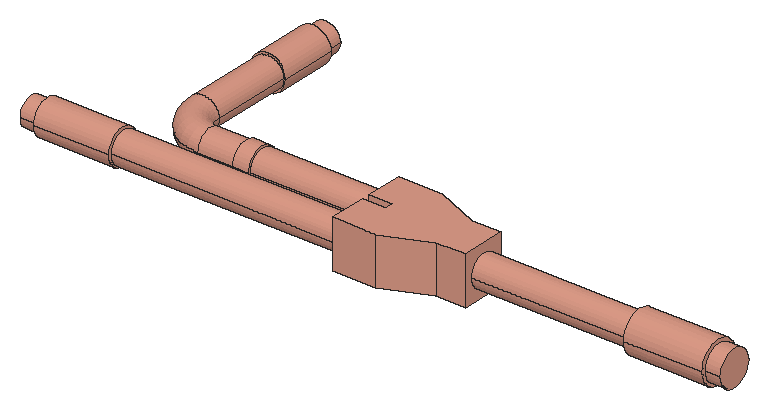
Revit family "outputfile", category 配管付属品, Revit 2024
Family settings
  丸型コネクタ寸法 = 半径を使用
  パーツ タイプ = 標準
  OmniClass 番号 = 23.65.55.00
  OmniClass タイトル = Distribution of Supplied Liquids/Gases
  作業面ベース = いいえ
  常に垂直 = はい
  ロード時にボイドで切り取り = いいえ
  共有 = いいえ
Parameters (values of type "BHFP26R168_(2)")
  Description = ""
  製造元 = "Daikin"
  書き出し IFC クラス(タイプ) = "IfcPipeFittingType"
  Default Elevation = 0.0 mm
  定義済み IFC タイプ(タイプ) = "JUNCTION"
  Cost = 0
  モデル = "BHFP26R168_(2)"
  Type Comments = ""
  Keynote = ""
  Type Image = (empty or 0)
  Assembly Code = ""
  table_PipeToCU_B [instance] = if(mm⇔inch, "Multi Module Kit_BHFP26R-_Liquid_PipeToCU_B", "Multi Module Kit_BHFP26R-_Liquid_PipeToCU_B_inch")  # "Multi Module Kit_BHFP26R-_Liquid_PipeToCU_B"
  table_PipeToCU_A [instance] = if(mm⇔inch, "Multi Module Kit_BHFP26R-_Liquid_PipeToCU_A", "Multi Module Kit_BHFP26R-_Liquid_PipeToCU_A_inch")  # "Multi Module Kit_BHFP26R-_Liquid_PipeToCU_A"
  table_ToMainPipe [instance] = if(mm⇔inch, "Multi Module Kit_BHFP26R-_Liquid_ToMainPipe", "Multi Module Kit_BHFP26R-_Liquid_ToMainPipe_inch")  # "Multi Module Kit_BHFP26R-_Liquid_ToMainPipe"
  switch_ToMainPipe3 [instance] = if(number_ToMainPipe < 3, 1 = 0, 1 = 1)  # no
  switch_PipeToCU_B Reducer [instance] = if(and(Is_PipeToCU_B Reducer = 1, judge_IsOffsetPipe_ToOutdoorUnitB = 0), 1 = 1, 1 = 0)  # no
  switch_PipeToCU_B4 [instance] = if(number_PipeToCU_B < 4, 1 = 0, 1 = 1)  # no
  switch_PipeToCU_B3 [instance] = if(number_PipeToCU_B < 3, 1 = 0, 1 = 1)  # no
  switch_PipeToCU_B2 [instance] = if(number_PipeToCU_B < 2, 1 = 0, 1 = 1)  # yes
  switch_PipeToCU_A Reducer [instance] = if(Is_PipeToCU_A Reducer = 1, 1 = 1, 1 = 0)  # yes
  switch_ToMainPipe Reducer [instance] = if(Is_ToMainPipe Reducer = 1, 1 = 1, 1 = 0)  # no
  switch_ToMainPipe2 [instance] = if(number_ToMainPipe < 2, 1 = 0, 1 = 1)  # yes
  r_PipeToCU_B_ActualDiameter [instance] = PipeToCU_B_Liquid_ActualDiameter / 2  # 6.35 mm
  r_PipeToCU_A_ActualDiameter [instance] = PipeToCU_A_Liquid_ActualDiameter / 2  # 6.35 mm
  r_ToMainPipe_ActualDiameter [instance] = ToMainPipe_Liquid_ActualDiameter / 2  # 7.95 mm
  number_PipeToCU_B ReducerPipe [instance] = size_lookup(table_PipeToCU_B, "reducerPipeNumber", 0, モデル, judge_IsOffsetPipe_ToOutdoorUnitB, PipeToCU_B_Liquid_ActualDiameter)  # 0
  number_PipeToCU_B [instance] = size_lookup(table_PipeToCU_B, "pipeNumber", 2, モデル, judge_IsOffsetPipe_ToOutdoorUnitB, PipeToCU_B_Liquid_ActualDiameter)  # 2
  number_PipeToCU_A ReducerPipe [instance] = size_lookup(table_PipeToCU_A, "reducerPipeNumber", 2, モデル, PipeToCU_A_Liquid_ActualDiameter)  # 2
  number_ToMainPipe [instance] = size_lookup(table_ToMainPipe, "pipeNumber", 3, モデル, ToMainPipe_Liquid_ActualDiameter)  # 2
  mm⇔inch [instance] = yes
  l_ToMainPipe3 [instance] = size_lookup(table_ToMainPipe, "L_Pipe3", 8.0 mm, モデル)  # 2.0 mm
  judge_IsOffsetPipe_ToOutdoorUnitB [instance] = 0  # constant formula
  Unit Type = "BHFP26R-_Liquid"
  Uniclass2015Version = "Products v1.31"
  Uniclass2015Title = "Copper pipe fittings"
  Uniclass2015Code = "Pr_65_52_63_18"
  URL = ""
  ToMainPipe_Liquid_Status [instance] = size_lookup(table_ToMainPipe, "Information", "The connected pipe size is not available.", モデル, ToMainPipe_Liquid_ActualDiameter)  # "Default connector size is used."
  ToMainPipe_Liquid_ActualDiameter [instance] = 15.9 mm
  Tag No. [instance] = ""
  Series = "Multi Module kit"
  PipeToCU_B_Liquid_Status [instance] = size_lookup(table_PipeToCU_B, "Information", "The connected pipe size is not available.", モデル, judge_IsOffsetPipe_ToOutdoorUnitB, PipeToCU_B_Liquid_ActualDiameter)  # "Default connector size is used."
  PipeToCU_B_Liquid_ActualDiameter [instance] = 12.7 mm
  PipeToCU_A_Liquid_Status [instance] = size_lookup(table_PipeToCU_A, "Information", "The connected pipe size is not available.", モデル, PipeToCU_A_Liquid_ActualDiameter)  # "Reducer is used at connector."
  PipeToCU_A_Liquid_ActualDiameter [instance] = 12.7 mm
  Material_Piping = DAIKIN_Copper_Pipe
  Material_Insulation = DAIKIN_White_Insulation
  location_PipeToCU_A connector [instance] = size_lookup(table_PipeToCU_A, "Locationconnector", 107.0 mm, モデル, PipeToCU_A_Liquid_ActualDiameter)  # 107.0 mm
  l_PipeToCU_B connector [instance] = size_lookup(table_PipeToCU_B, "Length", 161.0 mm, モデル, judge_IsOffsetPipe_ToOutdoorUnitB, PipeToCU_B_Liquid_ActualDiameter)  # 161.0 mm
  l_PipeToCU_B Reducer [instance] = 100.0 mm  # constant formula
  l_PipeToCU_B4 [instance] = size_lookup(table_PipeToCU_B, "L_Pipe4", 2.0 mm, モデル)  # 2.0 mm
  l_PipeToCU_B3 [instance] = size_lookup(table_PipeToCU_B, "L_Pipe3", 2.0 mm, モデル)  # 2.0 mm
  l_PipeToCU_B2 [instance] = size_lookup(table_PipeToCU_B, "L_Pipe2", 8.0 mm, モデル)  # 8.0 mm
  l_PipeToCU_B1 [instance] = size_lookup(table_PipeToCU_B, "L_Pipe1", 38.5 mm, モデル)  # 38.5 mm
  l_PipeToCU_B0 [instance] = size_lookup(table_PipeToCU_B, "L_Pipe0", 114.5 mm, モデル)  # 114.5 mm
  l_PipeToCU_A connector [instance] = size_lookup(table_PipeToCU_A, "Length", 97.0 mm, モデル, PipeToCU_A_Liquid_ActualDiameter)  # 97.0 mm
  l_PipeToCU_A1 [instance] = size_lookup(table_PipeToCU_A, "L_Pipe1", 8.0 mm, モデル)  # 8.0 mm
  l_PipeToCU_A0 [instance] = size_lookup(table_PipeToCU_A, "L_Pipe0", 62.0 mm, モデル)  # 62.0 mm
  l_ToMainPipe connector [instance] = size_lookup(table_ToMainPipe, "Length", 163.0 mm, モデル, ToMainPipe_Liquid_ActualDiameter)  # 128.0 mm
  l_ToMainPipe Reducer [instance] = size_lookup(table_ToMainPipe, "L_Reducer", 2.0 mm, モデル, ToMainPipe_Liquid_ActualDiameter)  # 2.0 mm
  l_ToMainPipe2 [instance] = size_lookup(table_ToMainPipe, "L_Pipe2", 38.0 mm, モデル)  # 8.0 mm
  l_ToMainPipe1 [instance] = size_lookup(table_ToMainPipe, "L_Pipe1", 38.0 mm, モデル)  # 40.0 mm
  l_ToMainPipe0 [instance] = size_lookup(table_ToMainPipe, "L_Pipe0", 79.0 mm, モデル)  # 80.0 mm
  judge_JointType(1or2) = 2
  count_PipeToCU_B Reducer [instance] = 0  # constant formula
  count_PipeToCU_A Reducer [instance] = size_lookup(table_PipeToCU_A, "reducerCount", 1, モデル, PipeToCU_A_Liquid_ActualDiameter)  # 1
  angle_PipeToCU_A Pipe [instance] = if(RotateBranchPipetoCU_A_90°, 90.00°, 0.00°)  # 0.00°
  angle_PipeToCU_A Connector [instance] = angle_PipeToCU_A Pipe + 90.00°  # 90.00°
  PipeToCU_B_Liquid_AvailableDiameter [instance] = size_lookup(table_PipeToCU_B, "sizeVariation", "", モデル, judge_IsOffsetPipe_ToOutdoorUnitB)  # "12.7/15.9mm"
  PipeToCU_A_Liquid_AvailableDiameter [instance] = size_lookup(table_PipeToCU_A, "sizeVariation", "", モデル)  # "12.7/15.9mm"
  ToMainPipe_Liquid_AvailableDiameter [instance] = size_lookup(table_ToMainPipe, "sizeVariation", "", モデル)  # "15.9/19.1mm"
  RotateBranchPipetoCU_A_90° [instance] = no
  O.D_ToMainPipe Reducer [instance] = size_lookup(table_ToMainPipe, "O.D_reducer", 2.0 mm, モデル, ToMainPipe_Liquid_ActualDiameter)  # 2.0 mm
  Link_Nested Family [instance] = ""
  Is_PipeToCU_B Reducer [instance] = size_lookup(table_PipeToCU_B, "IsReducer", 0, モデル, judge_IsOffsetPipe_ToOutdoorUnitB, PipeToCU_B_Liquid_ActualDiameter)  # 0
  Is_PipeToCU_A Reducer [instance] = size_lookup(table_PipeToCU_A, "IsReducer", 1, モデル, PipeToCU_A_Liquid_ActualDiameter)  # 1
  Is_ToMainPipe Reducer [instance] = size_lookup(table_ToMainPipe, "IsReducer", 0, モデル, ToMainPipe_Liquid_ActualDiameter)  # 0
  IfcVersion = ""
  IfcExportType = "JUNCTION"
  IfcExportAs = "IfcPipeFittingType"
  I.D_ToMainPipe3 [instance] = size_lookup(table_ToMainPipe, "I.D_PipeSize3", 15.9 mm, モデル)  # 2.0 mm
  Attach_Insulation [instance] = no
  I.D_PipeToCU_B4 [instance] = size_lookup(table_PipeToCU_B, "I.D_PipeSize4", 2.0 mm, モデル)  # 2.0 mm
  I.D_PipeToCU_B3 [instance] = size_lookup(table_PipeToCU_B, "I.D_PipeSize3", 2.0 mm, モデル)  # 2.0 mm
  I.D_PipeToCU_B2 [instance] = size_lookup(table_PipeToCU_B, "I.D_PipeSize2", 12.7 mm, モデル)  # 12.7 mm
  I.D_PipeToCU_B1 [instance] = size_lookup(table_PipeToCU_B, "I.D_PipeSize1", 15.9 mm, モデル)  # 15.9 mm
  I.D_PipeToCU_B0 [instance] = size_lookup(table_PipeToCU_B, "I.D_PipeSize0", 13.9 mm, モデル)  # 13.9 mm
  I.D_PipeToCU_A1 [instance] = 15.5 mm  # constant formula
  I.D_PipeToCU_A0 [instance] = 13.9 mm  # constant formula
  I.D_ToMainPipe Reducer [instance] = size_lookup(table_ToMainPipe, "I.D_reducer", 2.0 mm, モデル, ToMainPipe_Liquid_ActualDiameter)  # 2.0 mm
  I.D_ToMainPipe2 [instance] = size_lookup(table_ToMainPipe, "I.D_PipeSize2", 19.1 mm, モデル)  # 15.9 mm
  I.D_ToMainPipe1 [instance] = size_lookup(table_ToMainPipe, "I.D_PipeSize1", 22.2 mm, モデル)  # 19.1 mm
  I.D_ToMainPipe0 [instance] = size_lookup(table_ToMainPipe, "I.D_PipeSize0", 13.9 mm, モデル)  # 13.9 mm
Reference planes
  plane 1 "Center (Front/Back)": y = 0
  plane 2: z = 0
  plane 3 "pipe2": x = 225.65
  plane 4: x = 217.65
  plane 5: x = 177.65
  plane 6: x = 97.65
  plane 7: x = 37.65
  plane 8: x = -32.35
  plane 9: x = -76.85
  plane 10: x = -115.35
  plane 11: x = -123.35
  plane 12: x = -125.35
  plane 13: x = -127.35
  plane 14 "offset_center": y = 11.5
  plane 15: y = -11.5
  plane 16: x = -24.35
  plane 17: x = 147.65
  plane 18 "ToMainPipe_connector": x = 225.65
  plane 19 "connector_OutdoorunitA": x = -69.35
  plane 20 "connector_ToOutdoorUnitB": x = -104.35
  plane 21 "pipe3": x = 227.65
Forms (mm)
  Extrusion 1, solid, material "DAIKIN_Copper_Pipe" <- "Material_Piping"
    sketch origin (0, 0, 0) x (1, 0, 0) y (0, 1, 0)
      loop
        line (37.65, 1.998) -> (49.65, 1.998) -> (49.65, -1.998) -> (37.65, -1.998) -> (37.65, -21.2) -> (59.801, -21.2) -> (82.65, -11.3) -> (97.65, -11.3) -> (97.65, 11.3) -> (82.65, 11.3) -> (59.801, 21.2) -> (37.65, 21.2) -> (37.65, 1.998)
    from -12.2 to 12.2
Dimensions and locks
  locked: plane 6 to plane 17 at 50
  "l_PipeToCU_A1": plane 8 to plane 16
  "l_PipeToCU_B1": plane 10 to plane 9
  "l_PipeToCU_B2": plane 11 to plane 10
  "l_PipeToCU_B3": plane 12 to plane 11
  "l_PipeToCU_B4": plane 13 to plane 12
  locked: plane 7 to plane 6 at 60
  "l_ToMainPipe1": plane 5 to plane 4
  "l_ToMainPipe2": plane 4 to plane 3 "pipe2"
  "l_ToMainPipe0": plane 6 to plane 5
  "l_ToMainPipe connector": plane 6 to plane 18 "ToMainPipe_connector"
  plane 14 "offset_center" to plane 1 "Center (Front/Back)" to plane 15 = 11.5 mm locked, 11.5 mm locked
  locked: plane 1 "Center (Front/Back)" to Extrusion 1 sketch curve at 11.3  (x2)
  locked: Extrusion 1 sketch curve to plane 1 "Center (Front/Back)" at 21.2
  locked: plane 1 "Center (Front/Back)" to Extrusion 1 sketch curve at 21.2
  "l_PipeToCU_A0": plane 16 to plane 7
  "location_PipeToCU_A connector": plane 19 "connector_OutdoorunitA" to plane 7
  "l_PipeToCU_B0": plane 9 to plane 7
  "l_ToMainPipe3": plane 3 "pipe2" to plane 21 "pipe3"
  aligned and locked: level to plane 2
  aligned and locked: plane 2 to nested 1
  aligned and locked: plane 1 "Center (Front/Back)" to nested 1
  aligned and locked: plane 3 "pipe2" to nested 1
  aligned and locked: plane 4 to nested 1
  aligned and locked: plane 4 to nested 2
  aligned and locked: plane 5 to nested 2
  aligned and locked: plane 5 to nested 3
  aligned and locked: plane 6 to nested 3
  aligned and locked: plane 6 to Extrusion 1
  aligned and locked: Extrusion 1 to plane 7  (x2)
  aligned and locked: plane 7 to nested 4
  aligned and locked: plane 8 to nested 5
  aligned and locked: plane 16 to nested 5
  aligned and locked: nested 5 to plane 14 "offset_center"
  aligned and locked: nested 6 to plane 15
  aligned and locked: plane 7 to nested 6
  aligned and locked: plane 9 to nested 6
  aligned and locked: plane 10 to nested 7
  aligned and locked: plane 9 to nested 7
  aligned and locked: plane 11 to nested 8
  aligned and locked: plane 10 to nested 8
  aligned and locked: plane 12 to nested 9
  aligned and locked: plane 11 to nested 9
  aligned and locked: plane 13 to nested 10
  aligned and locked: plane 12 to nested 10
  aligned and locked: nested 10 to plane 15
  aligned and locked: nested 9 to plane 15
  aligned and locked: nested 8 to plane 15
  aligned and locked: nested 7 to plane 15
  aligned and locked: plane 1 "Center (Front/Back)" to nested 11
  aligned and locked: plane 17 to nested 11
  aligned and locked: plane 16 to nested 4
  aligned and locked: nested 12 to plane 14 "offset_center"
  aligned and locked: plane 8 to nested 12
  aligned and locked: plane 1 "Center (Front/Back)" to nested 13
  aligned and locked: plane 18 "ToMainPipe_connector" to nested 13
  aligned and locked: plane 6 to nested 14
  aligned and locked: plane 1 "Center (Front/Back)" to nested 3
  aligned and locked: plane 14 "offset_center" to nested 15
  aligned and locked: nested 15 to plane 19 "connector_OutdoorunitA"
  aligned and locked: nested 16 to plane 7
  aligned and locked: nested 4 to plane 14 "offset_center"
  aligned and locked: plane 3 "pipe2" to nested 17
  aligned and locked: plane 21 "pipe3" to nested 17
  aligned and locked: nested 16 to plane 15
Automatic sketch dimensions
  Extrusion 1 sketch curve to plane 7 = 0.0 mm  (x2)
  Extrusion 1 sketch curve to plane 6 = 0.0 mm
  Extrusion 1 sketch curve to plane 1 "Center (Front/Back)" = 1.998 mm
  plane 7 to Extrusion 1 sketch curve = 12.0 mm
  Extrusion 1 sketch curve to Extrusion 1 sketch curve = 10.151 mm  (x2)
  Extrusion 1 sketch curve to Extrusion 1 sketch curve = 15.0 mm  (x2)
  plane 1 "Center (Front/Back)" to Extrusion 1 sketch curve = 1.998 mm
Nested families
  nested 1: "daikin_Pipe" at (221.65, 0, 0), I.D_Pipe <- "I.D_ToMainPipe2", display <- "switch_ToMainPipe2", type "*"
    with length_Pipe 8.0 mm, display yes, O.D_Pipe 17.9 mm, I.D_Pipe 15.9 mm
  nested 2: "daikin_Pipe" at (197.65, 0, 0), I.D_Pipe <- "I.D_ToMainPipe1", type "*"
    with length_Pipe 40.0 mm, display yes, O.D_Pipe 21.1 mm, I.D_Pipe 19.1 mm
  nested 3: "daikin_Pipe" at (137.65, 0, 0), I.D_Pipe <- "I.D_ToMainPipe0", type "*"
    with length_Pipe 80.0 mm, display yes, O.D_Pipe 15.9 mm, I.D_Pipe 13.9 mm
  nested 4: "daikin_Pipe" at (6.65, 11.5, 0), I.D_Pipe <- "I.D_PipeToCU_A0", type "*"
    with length_Pipe 62.0 mm, display yes, O.D_Pipe 15.9 mm, I.D_Pipe 13.9 mm
  nested 5: "daikin_Pipe" at (-28.35, 11.5, 0), I.D_Pipe <- "I.D_PipeToCU_A1", type "*"
    with length_Pipe 8.0 mm, display yes, O.D_Pipe 17.5 mm, I.D_Pipe 15.5 mm
  nested 6: "daikin_Pipe" at (-19.6, -11.5, 0), I.D_Pipe <- "I.D_PipeToCU_B0", type "*"
    with length_Pipe 114.5 mm, display yes, O.D_Pipe 15.9 mm, I.D_Pipe 13.9 mm
  nested 7: "daikin_Pipe" at (-96.1, -11.5, 0), I.D_Pipe <- "I.D_PipeToCU_B1", type "*"
    with length_Pipe 38.5 mm, display yes, O.D_Pipe 17.9 mm, I.D_Pipe 15.9 mm
  nested 8: "daikin_Pipe" at (-119.35, -11.5, 0), I.D_Pipe <- "I.D_PipeToCU_B2", display <- "switch_PipeToCU_B2", type "*"
    with length_Pipe 8.0 mm, display yes, O.D_Pipe 14.7 mm, I.D_Pipe 12.7 mm
  nested 9: "daikin_Pipe" at (-124.35, -11.5, 0), display <- "switch_PipeToCU_B3", I.D_Pipe <- "I.D_PipeToCU_B3", visible <- "switch_PipeToCU_B3", type "*"
    with length_Pipe 2.0 mm, display no, O.D_Pipe 4.0 mm, I.D_Pipe 2.0 mm
  nested 10: "daikin_Pipe" at (-126.35, -11.5, 0), display <- "switch_PipeToCU_B4", I.D_Pipe <- "I.D_PipeToCU_B4", visible <- "switch_PipeToCU_B4", type "*"
    with length_Pipe 2.0 mm, display no, O.D_Pipe 4.0 mm, I.D_Pipe 2.0 mm
  nested 11: "daikin_MultiModeluKit_Insulation" at (147.65, 0, 0), display <- "Attach_Insulation", type "*"
    with h 54.2 mm, display no, I.D_Outlet PipeSize 22.2 mm
  nested 12: "daikin_Multi Module kit_Reducer90_rotate" at (-32.35, 11.5, 0), number_reducerPipe <- "number_PipeToCU_A ReducerPipe", angle_Pipe <- "angle_PipeToCU_A Pipe", type "*"
    with number_reducerPipe 2, display_Pipe2 yes, display_Pipe1 yes, angle_Pipe 0.00°
  nested 13: "daikin_Pipe_reducer" at (224.65, 0, 0), I.D_Pipe1 <- "I.D_ToMainPipe Reducer", O.D_Pipe2 <- "O.D_ToMainPipe Reducer", length_Pipe <- "l_ToMainPipe Reducer", display <- "switch_ToMainPipe Reducer", type "*"
    with length_Pipe 2.0 mm, display no, O.D_Pipe2 2.0 mm, O.D_Pipe1 4.0 mm, I.D_Pipe2 0.0 mm, I.D_Pipe1 2.0 mm
  nested 14: "daikin_connector_rotate3" at (97.65, 0, 0) x (0, 1, 0) z (0, 0, 1), length <- "l_ToMainPipe connector", type "daikin_connector_rotate3"
    with radius 10.0 mm, length 128.0 mm, angle_vertical 90.00°, angle_horizontal 0.00°
  nested 15: "daikin_connector_rotate3" at (-69.35, 11.5, 0) x (-1, 0, 0) z (0, 0, 1), length <- "l_PipeToCU_A connector", angle_vertical <- "angle_PipeToCU_A Connector", type "daikin_connector_rotate3"
    with radius 10.0 mm, length 97.0 mm, angle_vertical 90.00°, angle_horizontal 0.00°
  nested 16: "daikin_connector_rotate3" at (37.65, -11.5, 0) x (0, -1, 0) z (0, 0, 1), length <- "l_PipeToCU_B connector", type "daikin_connector_rotate3"
    with radius 10.0 mm, length 161.0 mm, angle_vertical 90.00°, angle_horizontal 0.00°
  nested 17: "daikin_Pipe" at (226.65, 0, 0), display <- "switch_ToMainPipe3", I.D_Pipe <- "I.D_ToMainPipe3", type "*"
    with length_Pipe 2.0 mm, display no, O.D_Pipe 4.0 mm, I.D_Pipe 2.0 mm
Connectors
  piping at (225.65, 0, 0), diameter 15.9, driven by "r_ToMainPipe_ActualDiameter"
    settings: on nested 14, index 1, connector inside diameter 609.6 mm, connector length 0.0 mm, flow factor 0, pipe flow 0.00 m³/h, pressure drop 0.0 Pa, fitting loss kfactor 0, connector angle 0.00°, fixture units 0, engagement length 0.0 mm, angle of deflection 0.00°, flow configuration 0, flow direction 2, fitting loss method 0, system type 29, joint type 0, gender type 0, connector reference index -1, connector utility 0, adjustable connector no, is connector primary yes, connector description "Multi Module kit_to Main Pipe_Liquid"
  piping at (-69.35, 108.5, 0), diameter 12.7, driven by "r_PipeToCU_A_ActualDiameter"
    settings: on nested 15, index 2, connector inside diameter 609.6 mm, connector length 0.0 mm, flow factor 0, pipe flow 0.00 m³/h, pressure drop 0.0 Pa, fitting loss kfactor 0, connector angle 0.00°, fixture units 0, engagement length 0.0 mm, angle of deflection 0.00°, flow configuration 0, flow direction 1, fitting loss method 0, system type 29, joint type 0, gender type 0, connector reference index -1, connector utility 0, adjustable connector no, is connector primary no, connector description "Multi Module kit_Piping to CU-A_Liquid"
  piping at (-123.35, -11.5, 0), diameter 12.7, driven by "r_PipeToCU_B_ActualDiameter"
    settings: on nested 16, index 3, connector inside diameter 609.6 mm, connector length 0.0 mm, flow factor 0, pipe flow 0.00 m³/h, pressure drop 0.0 Pa, fitting loss kfactor 0, connector angle 0.00°, fixture units 0, engagement length 0.0 mm, angle of deflection 0.00°, flow configuration 0, flow direction 1, fitting loss method 0, system type 29, joint type 0, gender type 0, connector reference index -1, connector utility 0, adjustable connector no, is connector primary no, connector description "Multi Module kit_Piping to CU-B_Liquid"
Definition of nested family "daikin_Pipe"
  Parameters (values of type "*")
    Default Elevation = 0.0 mm
    material = none
    length_Pipe [instance] = 150.0 mm
    display [instance] = yes
    O.D_Pipe [instance] = I.D_Pipe + 2.0 mm  # 27.0 mm
    I.D_Pipe [instance] = 25.0 mm
  Reference planes
    plane 1 "Center (Front/Back)": y = 0
    plane 2 "center(vertical)": z = 0
    plane 3 "Center (Left/Right)": x = 0
    plane 4 "left": x = -75
    plane 5 "right": x = 75
  Forms (mm)
    Extrusion 1, solid, material <- "material", visible <- "display"
      sketch origin (0, 0, 0) x (0, 1, 0) y (0, 0, 1)
        loop
          circle (0, 0) r 13.5
      from -75 to 75
  Dimensions and locks
    equal spacing: plane 4 "left", plane 3 "Center (Left/Right)", plane 5 "right"
    "length_Pipe": plane 4 "left" to plane 5 "right"
    "O.D_Pipe": diameter of Extrusion 1 sketch curve
    aligned and locked: level to plane 2 "center(vertical)"
    aligned and locked: plane 2 "center(vertical)" to Extrusion 1 sketch curve
    aligned and locked: plane 1 "Center (Front/Back)" to Extrusion 1 sketch curve
    aligned and locked: plane 5 "right" to Extrusion 1
    aligned and locked: Extrusion 1 to plane 4 "left"
Definition of nested family "daikin_Multi Module kit_Reducer90_rotate"
  Parameters (values of type "*")
    Default Elevation = 0.0 mm
    number_reducerPipe [instance] = 4
    material_Pipe = none
    display_Pipe2 [instance] = if(number_reducerPipe < 2, 1 = 0, 1 = 1)  # yes
    display_Pipe1 [instance] = if(number_reducerPipe < 1, 1 = 0, 1 = 1)  # yes
    angle_Pipe [instance] = 30.00°
  Reference planes
    plane 1 "Center (Front/Back)": y = 0
    plane 2: z = 0
    plane 3 "Center (Left/Right)": x = 0
  Dimensions and locks
    "angle_Pipe": angle plane 2 to nested 1
    aligned and locked: level to plane 2
  Nested families
    nested 1: "daikin_Multi Module kit_Reducer90" at (0, 0, 0) x (1, 0, 0) z (0, -0.5, 0.866), display_Pipe2 <- "display_Pipe2", display_Pipe1 <- "display_Pipe1", type "*"
      with display_Pipe2 yes, display_Pipe1 yes, I.D_connector 34.9 mm
  Definition of nested family "daikin_Multi Module kit_Reducer90"
    Parameters (values of type "*")
      Default Elevation = 0.0 mm
      material_Pipe = none
      display_Pipe2 [instance] = yes
      display_Pipe1 [instance] = yes
      O.D_Pipe2 = 12.7 mm + 2.0 mm  # 14.7 mm
      O.D_Pipe1 = 15.9 mm + 2.0 mm  # 17.9 mm
      O.D_Pipe0 = 15.9 mm  # constant formula
      I.D_connector [instance] = 0.0 mm
    Reference planes
      plane 1 "Center (Front/Back)": y = 0
      plane 2 "center_vertical": z = 0
      plane 3 "Center (Left/Right)": x = 0
      plane 4 "center_toOutdoor": x = -37
      plane 5: y = 60
      plane 6: y = 89
      plane 7: y = 97
    Forms (mm)
      Sweep 1, solid, material <- "material_Pipe"
        path origin (0, 0, 0) x (1, 0, 0) y (0, 1, 0)
          loop
            line (0, 0) -> (-18.241, 0)
            arc (-18.241, 0) -> (-31.506, 5.494) -> (-37, 18.759) r 18.759
            line (-37, 18.759) -> (-37, 60)
        profile origin (-9.12, 0, 0) x (0, -1, 0) y (0, 0, 1)
          loop
            circle (0, 0) r 7.95
      Extrusion 2, solid, material <- "material_Pipe", visible <- "display_Pipe1"
        sketch origin (0, 0, 0) x (1, 0, 0) y (0, 0, 1)
          loop
            circle (-37, 0) r 8.95
        from -89 to -60
      Extrusion 3, solid, material <- "material_Pipe", visible <- "display_Pipe2"
        sketch origin (75, -2.05, 0) x (1, 0, 0) y (0, 0, 1)
          loop
            circle (-112, 0) r 7.35
        from -99.05 to -91.05
    Lines and regions (mm)
      reference lines
        curve 1: line (0, 0, 0) -> (-37, 0, 0)
    Dimensions and locks
      locked: plane 1 "Center (Front/Back)" to plane 5 at 60
      locked: plane 6 to plane 5 at 29
      locked: plane 7 to plane 6 at 8
      plane 4 "center_toOutdoor" to plane 3 "Center (Left/Right)" = 37.0 mm
      "O.D_Pipe2": diameter of Extrusion 3 sketch curve
      "O.D_Pipe0": diameter of Sweep 1 sketch curve
      "O.D_Pipe1": diameter of Extrusion 2 sketch curve
      aligned and locked: level to plane 2 "center_vertical"
      aligned and locked: plane 6 to Extrusion 2
      aligned and locked: Extrusion 2 to plane 5
      aligned and locked: Extrusion 3 to plane 6
      aligned and locked: Sweep 1 sketch curve to plane 1 "Center (Front/Back)"
      aligned and locked: plane 3 "Center (Left/Right)" to curve 1
      aligned and locked: curve 1 to plane 1 "Center (Front/Back)"
      aligned and locked: plane 7 to Extrusion 3
    Automatic sketch dimensions
      Sweep 1 sketch curve to plane 4 "center_toOutdoor" = 0.0 mm
      Sweep 1 sketch curve to plane 3 "Center (Left/Right)" = 0.0 mm
      Sweep 1 sketch curve to plane 5 = 0.0 mm
      Sweep 1 sketch curve to plane 3 "Center (Left/Right)" = 18.241 mm
      curve 1 to plane 4 "center_toOutdoor" = 0.0 mm
      Sweep 1 sketch curve to level = 0.0 mm
      Sweep 1 sketch curve to profile plane = 0.0 mm
      Extrusion 2 sketch curve to level = 0.0 mm
      Extrusion 2 sketch curve to plane 4 "center_toOutdoor" = 0.0 mm
      Extrusion 3 sketch curve to level = 0.0 mm
      Extrusion 3 sketch curve to plane 4 "center_toOutdoor" = 0.0 mm
Definition of nested family "daikin_MultiModeluKit_Insulation"
  Parameters (values of type "*")
    Default Elevation = 0.0 mm
    Model = ""
    material = none
    h [instance] = (I.D_Outlet PipeSize + 2.0 mm) + 30.0 mm  # 47.0 mm
    display [instance] = yes
    I.D_Outlet PipeSize [instance] = 15.0 mm
  Reference planes
    plane 1 "Center (Front/Back)": y = 0
    plane 2: z = 0
    plane 3 "Left": x = 0
    plane 4 "top": z = 23.5
    plane 5 "bottom": z = -23.5
  Forms (mm)
    Extrusion 1, solid, material <- "material", visible <- "display"
      sketch origin (0, 0, 0) x (1, 0, 0) y (0, 1, 0)
        loop
          line (0, -22.3) -> (0, 22.3) -> (-101, 45.79) -> (-187, 45.79) -> (-187, 6.128) -> (-257, 10) -> (-257, -45.79) -> (-101, -45.79) -> (0, -22.3)
      from -23.5 to 23.5
  Dimensions and locks
    equal spacing: plane 4 "top", plane 2, plane 5 "bottom"
    "h": plane 4 "top" to plane 5 "bottom"
    equal spacing: Extrusion 1 sketch curve, plane 1 "Center (Front/Back)", Extrusion 1 sketch curve
    locked: Extrusion 1 sketch curve to plane 3 "Left" at 101  (x2)
    locked: Extrusion 1 sketch curve to plane 3 "Left" at 187
    locked: Extrusion 1 sketch curve to plane 3 "Left" at 257
    aligned and locked: level to plane 2
    aligned and locked: plane 3 "Left" to Extrusion 1
    aligned and locked: Extrusion 1 to plane 5 "bottom"
    aligned and locked: plane 4 "top" to Extrusion 1
  Automatic sketch dimensions
    Extrusion 1 sketch curve to plane 3 "Left" = 0.0 mm
    plane 1 "Center (Front/Back)" to Extrusion 1 sketch curve = 45.79 mm
    plane 1 "Center (Front/Back)" to Extrusion 1 sketch curve = 22.3 mm
    Extrusion 1 sketch curve to plane 1 "Center (Front/Back)" = 45.79 mm
    Extrusion 1 sketch curve to plane 1 "Center (Front/Back)" = 10.0 mm
    Extrusion 1 sketch curve to plane 1 "Center (Front/Back)" = 6.128 mm
Definition of nested family "daikin_Pipe_reducer"
  Parameters (values of type "*")
    Default Elevation = 0.0 mm
    material = none
    length_Pipe [instance] = 250.0 mm
    display [instance] = yes
    O.D_Pipe2 [instance] = 19.1 mm
    O.D_Pipe1 [instance] = I.D_Pipe1 + 2.0 mm  # 24.2 mm
    I.D_Pipe2 [instance] = O.D_Pipe2 - 2.0 mm  # 17.1 mm
    I.D_Pipe1 [instance] = 22.2 mm
  Reference planes
    plane 1 "Center (Front/Back)": y = 0
    plane 2 "center(vertical)": z = 0
    plane 3 "Center (Left/Right)": x = 0
    plane 4 "connection": x = -125
    plane 5 "right": x = 113
    plane 6: x = 125
  Forms (mm)
    Extrusion 1, solid, material <- "material", visible <- "display"
      sketch origin (0, 0, 0) x (0, 1, 0) y (0, 0, 1)
        loop
          circle (0, 0) r 9.55
      from -125 to 113
    Extrusion 2, solid, material <- "material", visible <- "display"
      sketch origin (0, 0, 0) x (0, 1, 0) y (0, 0, 1)
        loop
          circle (0, 0) r 12.1
      from 113 to 125
  Dimensions and locks
    locked: plane 5 "right" to plane 6 at 12
    "length_Pipe": plane 4 "connection" to plane 6
    equal spacing: plane 4 "connection", plane 3 "Center (Left/Right)", plane 6
    "O.D_Pipe2": diameter of Extrusion 1 sketch curve
    "O.D_Pipe1": diameter of Extrusion 2 sketch curve
    aligned and locked: level to plane 2 "center(vertical)"
    aligned and locked: plane 2 "center(vertical)" to Extrusion 1 sketch curve
    aligned and locked: plane 1 "Center (Front/Back)" to Extrusion 1 sketch curve
    aligned and locked: plane 5 "right" to Extrusion 1
    aligned and locked: Extrusion 1 to plane 4 "connection"
    aligned and locked: plane 2 "center(vertical)" to Extrusion 2 sketch curve
    aligned and locked: plane 1 "Center (Front/Back)" to Extrusion 2 sketch curve
    aligned and locked: Extrusion 2 to plane 5 "right"
    aligned and locked: plane 6 to Extrusion 2
Definition of nested family "daikin_connector_rotate3"
  Parameters (values of type "daikin_connector_rotate3")
    Default Elevation = 1219.2 mm
    show_face = no
    show_circle = no
    radius [instance] = 10.0 mm
    length [instance] = 600.0 mm
    angle_horizontal [instance] = 60.00°
    angle_vertical [instance] = 90.00°
  Reference planes
    plane 1 "Center (Front/Back)": y = 0
    plane 2: z = 0
    plane 3 "Center (Left/Right)": x = 0
  Dimensions and locks
    "angle_horizontal": angle plane 3 "Center (Left/Right)" to nested 1
    aligned and locked: level to plane 2
    aligned and locked: plane 1 "Center (Front/Back)" to nested 1  (x2)
    aligned and locked: plane 3 "Center (Left/Right)" to nested 1
  Nested families
    nested 1: "daikin_connector_rotate2" at (0, 0, 0) x (0.5, 0.866, 0) z (0, 0, 1), angle_vertical <- "angle_vertical", length <- "length", radius <- "radius", type "daikin_connector_rotate2"
      with radius 10.0 mm, length 600.0 mm, angle_vertical 90.00°, Default Elevation 0.0 mm, show_circle no
  Definition of nested family "daikin_connector_rotate2"
    Parameters (values of type "daikin_connector_rotate2")
      Default Elevation = 1219.2 mm
      show_face = no
      show_circle = yes
      radius [instance] = 10.0 mm
      length [instance] = 600.0 mm
      d_surface = 10.0 mm
      angle_vertical [instance] = 90.00°
    Reference planes
      plane 1 "Center (Front/Back)": y = 0
      plane 2: z = 0
      plane 3 "Center (Left/Right)": x = 0
    Forms (mm)
      Extrusion 1, solid, visible <- "show_face"
        sketch origin (0, -600, 0) x (1, 0, 0) y (0, 0, 1)
          loop
            circle (0, 0) r 10
        from 0 to -10
    Lines and regions (mm)
      reference lines
        curve 1: line (0, 0, 0) -> (0, -600, 0)
      symbolic lines, visible <- "show_circle"
        curve 2: circle (0, 0, 0) r 5 normal (0, 0, 1)
      model lines, visible <- "show_face"
        curve 3: line (0, 0, 0) -> (0, -600, 0)
    Dimensions and locks
      "length": curve 1 to curve 1
      "length": curve 3 to curve 3
      "d_surface": Extrusion 1 to Extrusion 1
      "radius": radius of Extrusion 1 sketch curve
      "angle_vertical": angle curve 1 to plane 1 "Center (Front/Back)"
      "angle_vertical": angle curve 3 to plane 1 "Center (Front/Back)"
      aligned and locked: level to plane 2
      aligned and locked: plane 1 "Center (Front/Back)" to curve 1
      aligned and locked: plane 2 to curve 1
      aligned and locked: plane 1 "Center (Front/Back)" to curve 2
      aligned and locked: plane 3 "Center (Left/Right)" to curve 2
      aligned and locked: plane 1 "Center (Front/Back)" to curve 3
      aligned and locked: plane 2 to curve 3
      aligned and locked: Extrusion 1 to Extrusion 1
    Automatic sketch dimensions
      Extrusion 1 sketch curve to level = 0.0 mm
      Extrusion 1 sketch curve to plane 3 "Center (Left/Right)" = 0.0 mm
      radius of curve 2 = 5.0 mm
